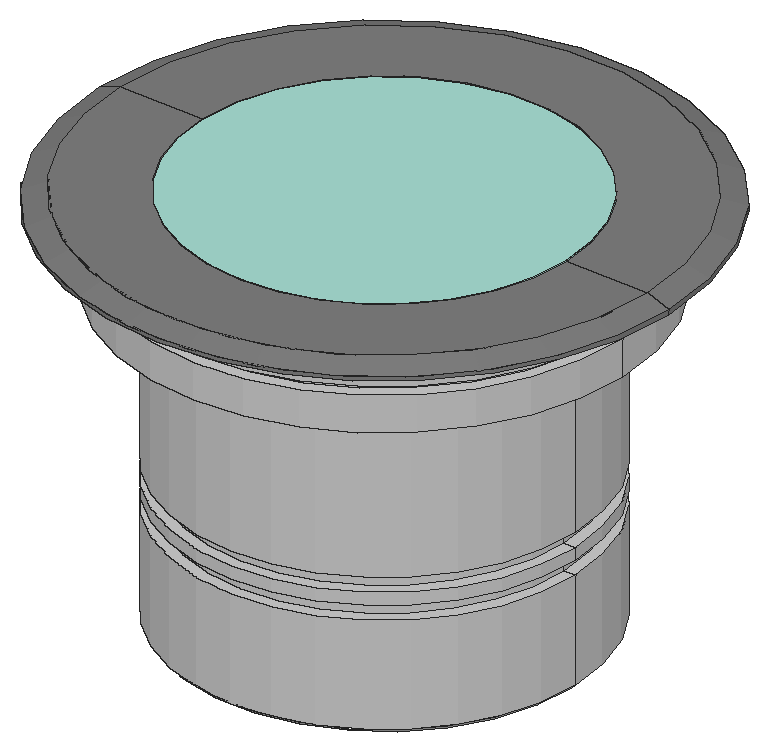
Revit family "Bright 5.G", category Lighting Fixtures, host Face, Revit 2017
Family settings
  Host = Face
  Round Connector Dimension = Use Diameter
  Part Type = Normal
  Cut with Voids When Loaded = Yes
  Light Source = Yes
  Shared = No
  Room Calculation Point = Yes
Parameters (values of type "Bright 5.G K 55° (3000K 10W 24Vdc)")
  Wiring = "parallel"
  Width mm = 148 mm
  Weight kg = "1.65 kg"
  Wattage = 5.84347 W
  built-in parameter 1150110 = 1 (stored number, unit not read)
  Voltage = 24 V
  Vertical Rotation min [instance] = 80.00°
  Vertical Rotation max [instance] = 100.00°
  Vertical Rotation Adjusted [instance] = if(Vertical Rotation < Vertical Rotation min, Vertical Rotation min, (if(Vertical Rotation > Vertical Rotation max, Vertical Rotation max, Vertical Rotation)))  # 90.00°
  URL Accessories and power supply units = "https://www.lucelight.it/en/prodotto.php/122068#a-scheda-accessori"
  URL = "https://www.lucelight.it/en/prodotto.php/122068"
  built-in parameter 1114217 = 1 (stored number, unit not read)
  Tiltable = "±10°"
  Vertical Rotation [instance] = 90.00°
  URL Technical sheet = "https://www.lucelight.it/media/prodotti/st/ST_BRIGHT_5G.pdf"
  URL Image = "https://www.lucelight.it/media/prodotti/foto/bright_5.g_still.jpg"
  URL IES Photometric file = "https://www.lucelight.it/media/prodotti/fotometrie/bright_5.g_ies.zip"
  URL General code = "https://www.lucelight.it/en/prodotto.php/122068#a-generacodice"
  URL Description = "https://www.lucelight.it/en/capitolato.php/122068"
  URL DXF = "https://www.lucelight.it/media/prodotti/dxf/bright_5.g.dxf"
  URL Catalogue = "https://www.lucelight.it/media/prodotti/brochure/bright_5_brochure_en.pdf"
  Trim = L&L_Steel inox AISI 316L
  Tilt Angle = 90.00°
  built-in parameter 1150109 = 1 (stored number, unit not read)
  built-in parameter 1150134 = (empty or 0)
  built-in parameter 1150113 = 1 (stored number, unit not read)
  Radius Void = 65 mm
  Power supply unit = "not included"
  Power supply = "24Vdc"
  Power cables = "includes 1,50 m neoprene cable, H05RN-F 2x0,75/0,75 Ø6,3 mm"
  Power Supply = L&L_Steel inox AISI 316L
  Power = "10W"
  Photometric Web File = "BRIGHT 5.G K 55° [3000K 10W 24Vdc].IES"
  Optics = "55° tiltable ±10°"
  Notes = "-"
  No. and type of led = "1 high power density COB LED, 3-step MacAdam, 50 000h L90 B10 (Ta 25°C)"
  Mounting = "recessed (ceiling, wall, floor)"
  Model = "Bright 5.G"
  Material = "body in anodized aluminium, trim in AISI 316L stainless steel, screen in tempered, serigraphed-grey and transparent extra-clear glass"
  Manufacturer = "L&L Luce&Light"
  built-in parameter 1150105 = 69.073 (stored number, unit not read)
  Lumens = 868 lm
  built-in parameter 1150115 = 1 (stored number, unit not read)
  Lumen output at source = "868 lm (3000K, 10W, CRI 90), 1564 lm (3000K, 16W, CRI 80), 1313 lm (3000K, 16W, CRI 90), 1033 lm (3000K, 10W, CRI 80)"
  built-in parameter 1150137 = (empty or 0)
  built-in parameter 1150139 = (empty or 0)
  Lens = L&L_Tempered extra-clear glass
  Length mm = 148 mm
  built-in parameter 1150112 = 1 (stored number, unit not read)
  built-in parameter 1150114 = 1 (stored number, unit not read)
  LED Colour = "3000K (also available: 2700K and 4000K - ref. URL Technical sheet)"
  built-in parameter 1150132 = 2
  built-in parameter 1150102 = (empty or 0)
  built-in parameter 1150107 = 3000 (stored number, unit not read)
  built-in parameter 1150138 = (empty or 0)
  built-in parameter 1150106 = 0.69073 (stored number, unit not read)
  IP = "IP67"
  Height mm = 107 mm
  Height Void = 110 mm
  Geometry = Bright 5.G_mod : Bright 5.G_mod
  Features = ""
  Energy efficiency class = "A A+ A++"
  Emit from Line Length = 609.6 mm
  built-in parameter 1150104 = 13.8 (stored number, unit not read)
  Dimming Lamp Color Temperature Shift = <None>
  Description = "recessed for outdoor applications"
  Delivered lumen output = "816 lm (3000K, 10W, 55°, CRI 80), 686 lm (3000K, 10W, 55°, CRI 90), 1235 lm (3000K, 16W, 55°, CRI 80), 1037 lm (3000K, 16W, 55°, CRI 90)"
  Default Elevation = 1219.2 mm
  Cutout dimensions = "diam. 125 mm"
  Control system = "-"
  Contact = "T: +39 0444 360571; E: lucelight@lucelight.it"
  Company = "L&L Luce&Light"
  Color Filter = 16777215
  Code = "-"
  CRI = "90 (also available: CRI 80 - ref. URL Technical sheet)"
  Body = L&L_Anodized aluminium
  built-in parameter 1114218 = 1 (stored number, unit not read)
  built-in parameter 1150133 = 10 (stored number, unit not read)
  Apparent Load Phase 1 = 10 W
  Apparent Load = 0 VA
Types (8, lengths in mm): name | Wattage | Power | Photometric Web File | Optics | built-in parameter 1150105 | Lumens | built-in parameter 1150106 | Apparent Load Phase 1
  Bright 5.G K 55° (3000K 10W 24Vdc) | 5.84347 W | "10W" | "BRIGHT 5.G K 55° [3000K 10W 24Vdc].IES" | "55° tiltable ±10°" | 69.073 (stored number, unit not read) | 868 lm | 0.69073 (stored number, unit not read) | 10 W
  Bright 5.G L 38° (3000K 10W 24Vdc) | 5.84347 W | "10W" | "BRIGHT 5.G L 38° [3000K 10W 24Vdc].IES" | "38° tiltable ±10°" | 69.073 (stored number, unit not read) | 868 lm | 0.69073 (stored number, unit not read) | 10 W
  Bright 5.G M 31° (3000K 10W 24Vdc) | 5.84347 W | "10W" | "BRIGHT 5.G M 31° [3000K 10W 24Vdc].IES" | "31° tiltable ±10°" | 69.073 (stored number, unit not read) | 868 lm | 0.69073 (stored number, unit not read) | 10 W
  Bright 5.G S 12° (3000K 10W 24Vdc) | 5.84347 W | "10W" | "BRIGHT 5.G S 12° [3000K 10W 24Vdc].IES" | "12° tiltable ±10°" | 69.073 (stored number, unit not read) | 868 lm | 0.69073 (stored number, unit not read) | 10 W
  Bright 5.G K 55° (3000K 16W 24Vdc) | 8.83925 W | "16W" | "BRIGHT 5.G K 55° [3000K 16W 24Vdc].IES" | "55° tiltable ±10°" | 1670.9 (stored number, unit not read) | 1313 lm | 16.709 (stored number, unit not read) | 16 W
  Bright 5.G L 38° (3000K 16W 24Vdc) | 8.83925 W | "16W" | "BRIGHT 5.G L 38° [3000K 16W 24Vdc].IES" | "38° tiltable ±10°" | 1670.9 (stored number, unit not read) | 1313 lm | 16.709 (stored number, unit not read) | 16 W
  Bright 5.G M 31° (3000K 16W 24Vdc) | 8.83925 W | "16W" | "BRIGHT 5.G M 31° [3000K 16W 24Vdc].IES" | "31° tiltable ±10°" | 1670.9 (stored number, unit not read) | 1313 lm | 16.709 (stored number, unit not read) | 16 W
  Bright 5.G S 12° (3000K 16W 24Vdc) | 8.83925 W | "16W" | "BRIGHT 5.G S 12° [3000K 16W 24Vdc].IES" | "12° tiltable ±10°" | 1670.9 (stored number, unit not read) | 1313 lm | 16.709 (stored number, unit not read) | 16 W
Reference planes
  plane 1 "Center (Front/Back)": y = 0
  plane 2: z = 0
  plane 3 "Center (Left/Right)": x = 0
  plane 4: z = -110
Forms (mm)
  Extrusion 1, void
    sketch origin (0, 0, 0) x (1, 0, 0) y (0, 1, 0)
      loop
        circle (0, 0) r 65
    from -110 to 0
Dimensions and locks
  "Height Void": plane 4 to plane 2
  "Radius Void": radius of Extrusion 1 sketch curve
  aligned and locked: plane 2 to host face
  aligned and locked: level to host face
  aligned and locked: Extrusion 1 to plane 4
  aligned and locked: plane 2 to Extrusion 1
Automatic sketch dimensions
  host sketch curve to host sketch curve = 2438.4 mm  (x2)
  plane 1 "Center (Front/Back)" to Extrusion 1 sketch curve = 0 mm
  Extrusion 1 sketch curve to plane 3 "Center (Left/Right)" = 0 mm
Nested families
  nested 1: "Bright 5.G_mod" at (0, 0, 0), type <- "Geometry", type "Bright 5.G_mod"
Connectors
  electrical at (0, 0, 0), driven by "Apparent Load Phase 1", driven by "Voltage"
    settings: index 1, voltage 24 V, apparent load 0 VA, apparent load phase1 10 VA, apparent load phase2 0 VA, apparent load phase3 0 VA, power factor 1, load classification "Lighting", number of poles 1, system type 31, power factor state 1, is connector primary yes, connector utility no, sub classification motor no, connector description ""
Definition of nested family "Bright 5.G_mod"
  Parameters (values of type "Bright 5.G_mod")
    Trim = none
    Power supply = none
    Lens = none
    Default Elevation = 1219.2 mm
    Body = none
  Reference planes
    plane 1 "Light Source Axis (F/B)": y = 0
    plane 2: z = 0
    plane 3 "Light Source Axis (L/R)": x = 0
    plane 4 "Light Source Elevation": z = 3
    plane 5: z = -104
    plane 6: z = -22
  Forms (mm)
    Extrusion 1, solid, material <- "Body", detail levels coarse
      sketch origin (0, 0, 0) x (1, 0, 0) y (0, 1, 0)
        loop
          circle (0, 0) r 74
      from -104 to 3
    Extrusion 2, solid, material <- "Trim", detail levels medium
      sketch origin (0, 0, 0) x (1, 0, 0) y (0, 1, 0)
        loop
          circle (0, 0) r 74
        loop
          circle (0, 0) r 47.25
      from -22 to 3
    Extrusion 3, solid, material <- "Body", detail levels medium
      sketch origin (0, 0, 0) x (1, 0, 0) y (0, 1, 0)
        loop
          circle (0, 0) r 50
      from -104 to -22
    Extrusion 4, solid, material <- "Lens", detail levels medium+fine
      sketch origin (0, 0, 0) x (1, 0, 0) y (0, 1, 0)
        loop
          circle (0, 0) r 47.25
      from 0 to 3
    Revolve 5, solid, material <- "Trim", detail levels fine
      sketch origin (0, 0, 0) x (1, 0, 0) y (0, 0, 1)
        loop
          line (47.25, 3) -> (47.25, 0) -> (74, 0) -> (74, 1) -> (68.505, 3) -> (47.25, 3)
        axis (0, 3) -> (0, 0)
      angle from 0 to 360
    Revolve 6, solid, material <- "Body", detail levels fine
      sketch origin (0, 0, 0) x (1, 0, 0) y (0, 0, 1)
        loop
          line (62, -8) -> (62, 0) -> (0, 0) -> (0, -18.8) -> (62, -18.8) -> (62, -10) -> (59, -10) -> (59, -8) -> (62, -8)
        axis (0, -18.8) -> (0, 0)
      angle from 0 to 360
    Revolve 7, solid, material <- "Body", detail levels fine
      sketch origin (0, 0, 0) x (1, 0, 0) y (0, 0, 1)
        loop
          line (49.75, -59.3) -> (49.75, -18.8) -> (0, -18.8) -> (0, -95.8) -> (48.75, -95.8) -> (49.75, -94.8) -> (49.75, -69.3) -> (46.75, -69.3) -> (46.75, -65.8) -> (49.75, -65.8) -> (49.75, -62.8) -> (46.75, -62.8) -> (46.75, -59.3) -> (49.75, -59.3)
        axis (0, -95.8) -> (0, -18.8)
      angle from 0 to 360
  Dimensions and locks
    level to plane 4 "Light Source Elevation" = 3 mm
    plane 5 to plane 4 "Light Source Elevation" = 107 mm
    plane 6 to plane 4 "Light Source Elevation" = 25 mm
    aligned and locked: level to plane 2
    aligned and locked: plane 5 to Extrusion 1
    aligned and locked: Extrusion 1 to plane 4 "Light Source Elevation"
    aligned and locked: plane 6 to Extrusion 2
    aligned and locked: Extrusion 2 to plane 4 "Light Source Elevation"
    aligned and locked: plane 5 to Extrusion 3
    aligned and locked: Extrusion 3 to plane 6
    aligned and locked: Extrusion 4 to level
    aligned and locked: Extrusion 4 to plane 4 "Light Source Elevation"
  Nested families
    nested 1: "Power supply" at (0, 0, -95.8), type "Power supply", detail levels fine
  Definition of nested family "Power supply"
    Parameters (values of type "Power supply")
      Power supply = none
      Default Elevation = 1219.2 mm
    Reference planes
      plane 1 "Light Source Axis (F/B)": y = 0
      plane 2: z = 0
      plane 3 "Light Source Axis (L/R)": x = 0
      plane 4 "Light Source Elevation": z = 1500
    Forms (mm)
      Extrusion 1, solid, material <- "Power supply"
        sketch origin (33.254, -14.716, -15.988) x (1, 0, 0) y (0, 1, 0)
          loop
            line (-33.254, 22.716) -> (-38.911, 20.373) -> (-41.254, 14.716) -> (-38.911, 9.059) -> (-33.254, 6.716) -> (-27.598, 9.059) -> (-25.254, 14.716) -> (-27.598, 20.373) -> (-33.254, 22.716)
        from 11.488 to 15.988
      Revolve 2, solid, material <- "Power supply"
        sketch origin (0, 0, 7.5) x (1, 0, 0) y (0, 0, 1)
          loop
            line (6.964, -12) -> (0, -12) -> (0, -16) -> (3.5, -16)
            arc (3.5, -16) -> (6.146, -14.791) -> (6.964, -12) r 3.5
          axis (0, -16) -> (0, -12)
        angle from 0 to 360
    Dimensions and locks
      aligned and locked: level to plane 2
